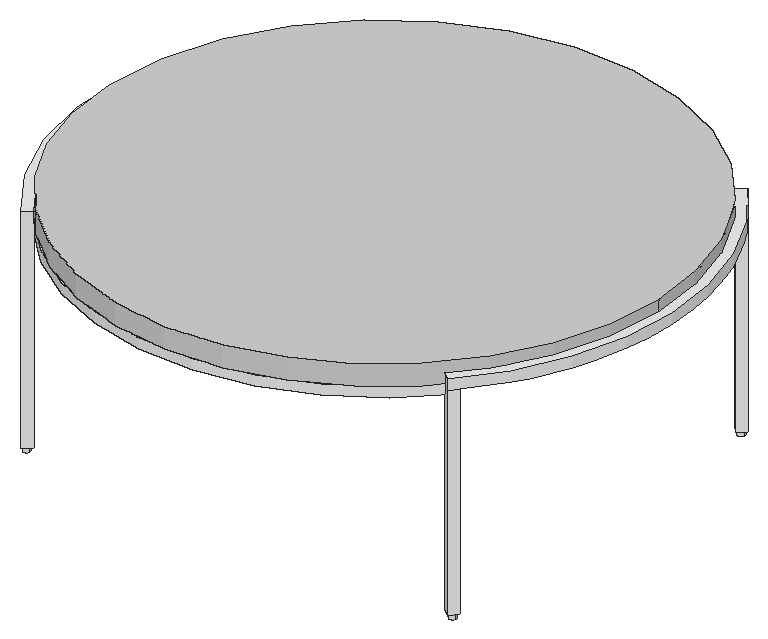
Revit family
Parameters (values of type "42W x 16H")
  Win = Width - 0' 1 1/2"  # 3' - 4 1/2"
  Width = 3' - 6"
  URL = "http://elanbydecca.com/"
  Top [instance] = Furniture - DECCA (Elan) - Ethos - Top
  RW-3/4 = Width / 2 - 0' 0 3/4"  # 1' - 8 1/4"
  RW-1 1/2 = Width / 2 - 0' 1 1/2"  # 1' - 7 1/2"
  RW = Width / 2  # 1' - 9"
  Base [instance] = Furniture - DECCA (Elan) - Ethos - Base
  Product URL = "http://elanbydecca.com/PDFs/elan_tearsheet-vertex.pdf"
  Model = "FT CT402"
  Manufacturer = "Decca Contract"
  Height = 1' - 4"
  Description = "Ethos, Table"
  Depth = Width  # 3' - 6"
  Assembly Description = "Furniture & Accessories"
  Assembly Code = "E2020200"
Types (4): name | Win | Width | RW-3/4 | RW-1 1/2 | RW | Model | Depth
  (no name) | 3' - 4 1/2" | 3' - 6" | 1' - 8 1/4" | 1' - 7 1/2" | 1' - 9" | "FT CT402" | 3' - 6"
  30W x 16H | 2' - 4 1/2" | 2' - 6" | 1' - 2 1/4" | 1' - 1 1/2" | 1' - 3" | "FT CT400" | 2' - 6"
  36W x 16H | 2' - 10 1/2" | 3' - 0" | 1' - 5 1/4" | 1' - 4 1/2" | 1' - 6" | "FT CT401" | 3' - 0"
  42W x 16H | 3' - 4 1/2" | 3' - 6" | 1' - 8 1/4" | 1' - 7 1/2" | 1' - 9" | "FT CT402" | 3' - 6"
Reference planes (in)
  plane 1 "Center Front/Back": y = -0.7524
  plane 2: z = 0
  plane 3 "Center Left/Right": x = 0
  plane 4 "L": x = -21
  plane 5 "R": x = 21
  plane 6 "F": y = -21.7524
  plane 7: y = 20.2476
  plane 8: through (-6.25338, 2.33237, 23.38953) normal (0.4297, -0.4297, 0.7941)
  plane 9 "ST": z = 16.75
  plane 10: z = 0.375
  plane 11: x = -20.25
  plane 12: x = 20.25
  plane 13: z = 16
  plane 14: z = 15.25
  plane 15: y = 19.4976
  plane 16: y = -21.0024
  plane 17: x = -0.375
  plane 18: x = 0.375
  plane 19: y = 3.2976
  plane 20: y = -4.8024
  plane 21: x = 4.05
  plane 22: x = 12.15
  plane 23: y = -12.9024
  plane 24: y = 11.3976
  plane 25: x = -4.05
  plane 26: x = -12.15
  plane 27: z = 14.5
Forms (in)
  Extrusion 1, solid, material "Furniture - DECCA (Elan) - Ethos - Base" <- "Base"
    sketch origin (0, 0, 16.75) x (-1, 0, 0) y (0, -1, 0)
      loop
        line (15.19541, -12.63274) -> (15.75281, -13.13461)
        arc (15.75281, -13.13461) -> (21, 0.7524) -> (15.75281, 14.63941) r 21
        line (15.75281, 14.63941) -> (15.19541, 14.13754)
        arc (15.19541, 14.13754) -> (20.25, 0.7524) -> (15.19541, -12.63274) r 20.25
      loop
        line (-15.19541, 14.13754) -> (-15.75281, 14.63941)
        arc (-15.75281, 14.63941) -> (-20.99708, 0.40223) -> (-15.28099, -13.65216) r 21
        line (-15.28099, -13.65216) -> (-14.72348, -13.15018)
        arc (-14.72348, -13.15018) -> (-20.24697, 0.40223) -> (-15.19541, 14.13754) r 20.25
    from -1.5 to -0.75
  Extrusion 2, solid, material "Furniture - DECCA (Elan) - Ethos - Base" <- "Base"
    sketch origin (0, 0, 16.75) x (-1, 0, 0) y (0, -1, 0)
      loop
        line (15.19541, -12.63274) -> (15.75281, -13.13461)
        arc (15.75281, -13.13461) -> (15.99837, -12.85098) -> (16.23884, -12.56301) r 21
        line (16.23884, -12.56301) -> (15.68086, -12.06061)
        arc (15.68086, -12.06061) -> (15.44079, -12.34892) -> (15.19541, -12.63274) r 20.25
      loop
        line (15.75281, 14.63941) -> (15.19541, 14.13754)
        arc (15.19541, 14.13754) -> (15.44079, 13.85372) -> (15.68086, 13.56541) r 20.25
        line (15.68086, 13.56541) -> (16.23884, 14.06781)
        arc (16.23884, 14.06781) -> (15.99837, 14.35578) -> (15.75281, 14.63941) r 21
      loop
        line (-15.19541, 14.13754) -> (-15.75241, 14.63905)
        arc (-15.75241, 14.63905) -> (-15.99797, 14.35542) -> (-16.23844, 14.06745) r 20.99946
        line (-16.23844, 14.06745) -> (-15.68086, 13.56541)
        arc (-15.68086, 13.56541) -> (-15.44079, 13.85372) -> (-15.19541, 14.13754) r 20.25
      loop
        line (-15.28099, -13.65216) -> (-14.72348, -13.15018)
        arc (-14.72348, -13.15018) -> (-14.97841, -12.87514) -> (-15.22821, -12.59542) r 20.25
        line (-15.22821, -12.59542) -> (-15.78561, -13.09731)
        arc (-15.78561, -13.09731) -> (-15.53578, -13.37699) -> (-15.28099, -13.65216) r 21
    from -16.375 to -1.5
  Extrusion 3, solid, material "Furniture - DECCA (Elan) - Ethos - Base" <- "Base"
    sketch origin (0, 0, 16.75) x (-1, 0, 0) y (0, -1, 0)
      loop
        circle (15.72571, 14.10916) r 0.2499
      loop
        circle (-15.72571, 14.10916) r 0.2499
      loop
        circle (15.72571, -12.60436) r 0.2499
      loop
        circle (-15.25377, -13.12181) r 0.2499
    from -16.375 to -16.75
  Extrusion 4, solid, material "Furniture - DECCA (Elan) - Ethos - Base" <- "Base"
    sketch origin (0, 0, 16.75) x (-1, 0, 0) y (0, -1, 0)
      loop
        arc (-15.22821, -12.59542) -> (0.35033, -19.49457) -> (15.68086, -12.06061) r 20.25
        line (15.68086, -12.06061) -> (15.12283, -11.55816)
        arc (15.12283, -11.55816) -> (0.35034, -18.74445) -> (-14.6708, -12.09352) r 19.5
        line (-14.6708, -12.09352) -> (-15.22821, -12.59542)
    from -2.25 to -1.5
  Extrusion 5, solid, material "Furniture - DECCA (Elan) - Ethos - Base" <- "Base"
    sketch origin (0, 0, 16.75) x (-1, 0, 0) y (0, -1, 0)
      loop
        arc (15.68086, 13.56541) -> (0, 21.0024) -> (-15.68086, 13.56541) r 20.25
        line (-15.68086, 13.56541) -> (-15.12283, 13.06296)
        arc (-15.12283, 13.06296) -> (0, 20.2524) -> (15.12283, 13.06296) r 19.5
        line (15.12283, 13.06296) -> (15.68086, 13.56541)
    from -2.25 to -1.5
  Extrusion 6, solid, material "Furniture - DECCA (Elan) - Ethos - Top" <- "Top"
    sketch origin (0, 0, 16.75) x (-1, 0, 0) y (0, -1, 0)
      loop
        circle (0, 0.7524) r 20.25
    from -1.5 to 0
Cuts and joins
  joined: Extrusion 1, Extrusion 2, Extrusion 3
Dimensions and locks (in)
  equal spacing: plane 4 "L", plane 3 "Center Left/Right", plane 5 "R"
  equal spacing: plane 7, plane 1 "Center Front/Back", plane 6 "F"
  "Width": plane 4 "L" to plane 5 "R"
  "Depth": plane 7 to plane 6 "F"
  locked: plane 4 "L" to plane 11 at 0.75
  locked: plane 12 to plane 5 "R" at 0.75
  locked: plane 7 to plane 15 at 0.75
  locked: plane 16 to plane 6 "F" at 0.75
  plane 17 to plane 3 "Center Left/Right" to plane 18 = 0' - 0 3/8" locked, 0' - 0 3/8" locked
  equal spacing: plane 11, plane 26, plane 25, plane 21, plane 22, plane 12
  equal spacing: plane 16, plane 23, plane 20, plane 19, plane 24, plane 15
  locked: Extrusion 2 sketch curve to Extrusion 2 sketch curve at 0.75  (x4)
  locked: cut or joined group of Extrusion 1, Extrusion 2, Extrusion 3 to Extrusion 3 sketch curve at 0.37592  (x4)
  plane 9 "ST" to plane 13 to plane 14 to plane 27 = 0' - 0 3/4" locked, 0' - 0 3/4" locked, 0' - 0 3/4" locked
  "Height": plane 13 to level
  cut or joined group of Extrusion 1, Extrusion 2, Extrusion 3 to cut or joined group of Extrusion 1, Extrusion 2, Extrusion 3 to Extrusion 3 sketch curve = 0' - 0.52989" locked, 0' - 0.00116" locked
  cut or joined group of Extrusion 1, Extrusion 2, Extrusion 3 to cut or joined group of Extrusion 1, Extrusion 2, Extrusion 3 to Extrusion 3 sketch curve = 0' - 0.52978", 0' - 0.00116" locked  (x3)
  "RW": radius of Extrusion 1 sketch curve  (x2)
  "RW-3/4": radius of Extrusion 1 sketch curve  (x2)
  "RW-3/4": radius of Extrusion 4 sketch curve
  "RW-1 1/2": radius of Extrusion 4 sketch curve
  "RW-3/4": radius of Extrusion 5 sketch curve
  "RW-1 1/2": radius of Extrusion 5 sketch curve
  "RW-3/4": radius of Extrusion 6 sketch curve
  locked: Extrusion 1 sketch curve to plane 4 "L" (angle 48.00°)
  locked: plane 5 "R" to Extrusion 1 sketch curve (angle 48.00°)
  locked: plane 4 "L" to Extrusion 1 sketch curve (angle 48.00°)
  locked: Extrusion 1 sketch curve to plane 5 "R" (angle 48.00°)
  aligned and locked: Extrusion 1 to plane 14
  aligned and locked: plane 13 to Extrusion 1
  aligned and locked: Extrusion 2 sketch curve to cut or joined group of Extrusion 1, Extrusion 2, Extrusion 3  (x11)
  aligned and locked: Extrusion 2 to plane 10
  aligned and locked: plane 14 to Extrusion 2
  aligned: Extrusion 3 to level
  aligned and locked: cut or joined group of Extrusion 1, Extrusion 2, Extrusion 3 to Extrusion 4 sketch curve
  aligned and locked: Extrusion 4 sketch curve to cut or joined group of Extrusion 1, Extrusion 2, Extrusion 3
  aligned and locked: Extrusion 4 to plane 27
  aligned and locked: plane 14 to Extrusion 4
  aligned and locked: Extrusion 5 sketch curve to cut or joined group of Extrusion 1, Extrusion 2, Extrusion 3
  aligned and locked: cut or joined group of Extrusion 1, Extrusion 2, Extrusion 3 to Extrusion 5 sketch curve
  aligned and locked: Extrusion 5 to plane 27
  aligned and locked: plane 14 to Extrusion 5
  aligned and locked: Extrusion 6 to plane 14
  aligned and locked: plane 9 "ST" to Extrusion 6
  aligned and locked: plane 10 to Extrusion 3
  aligned and locked: Extrusion 3 to level
Automatic sketch dimensions
  Extrusion 2 sketch curve to Extrusion 2 sketch curve = 0' - 0"  (x2)
  Extrusion 1 sketch curve to Extrusion 1 sketch curve = 0' - 0"  (x6)
  plane 1 "Center Front/Back" to Extrusion 1 sketch curve = 0' - 0"
  Extrusion 1 sketch curve to plane 3 "Center Left/Right" = 0' - 0"
  Extrusion 1 sketch curve to plane 23 = 0' - 1.23514"  (x2)
  Extrusion 1 sketch curve to Extrusion 1 sketch curve = 0' - 0.55751"
  plane 24 to Extrusion 1 sketch curve = 0' - 1.23514"
  Extrusion 2 sketch curve to Extrusion 2 sketch curve = 0' - 0.55758"
  plane 1 "Center Front/Back" to Extrusion 4 sketch curve = 0' - 0"
  Extrusion 4 sketch curve to plane 3 "Center Left/Right" = 0' - 0"
  Extrusion 4 sketch curve to Extrusion 4 sketch curve = 0' - 0"  (x4)
  plane 1 "Center Front/Back" to Extrusion 5 sketch curve = 0' - 0"
  Extrusion 5 sketch curve to plane 3 "Center Left/Right" = 0' - 0"
  Extrusion 5 sketch curve to Extrusion 5 sketch curve = 0' - 0"  (x4)
  plane 1 "Center Front/Back" to Extrusion 6 sketch curve = 0' - 0"
  Extrusion 6 sketch curve to plane 3 "Center Left/Right" = 0' - 0"
  radius of Extrusion 3 sketch curve = 0' - 0.2499"  (x4)
